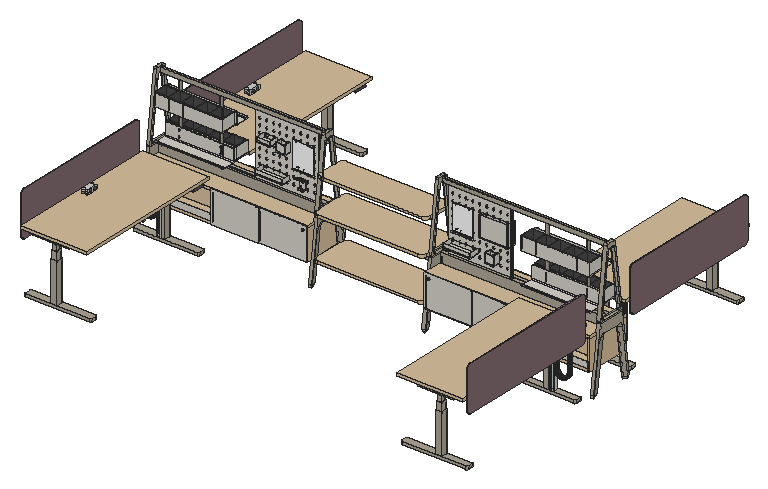
Revit family "Layout-Teknion-Expansion_Cityline_Upper_Structure_01-R2021", category Furniture Systems, Revit 2021 (continued)
Definition of nested family "Desk_Structure-Teknion-JZSBB_EZ_Fence_Beam-R2021"
  Dimensions and locks (in)
    aligned and locked: cut or joined group of Sweep 1, Sweep 2, Sweep 3, Sweep 8, Sweep 9, Sweep 10, Sweep 11, Sweep 12, Sweep 13 to curve 49
    aligned and locked: curve 49 to cut or joined group of Sweep 1, Sweep 2, Sweep 3, Sweep 8, Sweep 9, Sweep 10, Sweep 11, Sweep 12, Sweep 13
    aligned and locked: curve 50 to cut or joined group of Sweep 1, Sweep 2, Sweep 3, Sweep 8, Sweep 9, Sweep 10, Sweep 11, Sweep 12, Sweep 13  (x2)
    aligned and locked: cut or joined group of Sweep 1, Sweep 2, Sweep 3, Sweep 8, Sweep 9, Sweep 10, Sweep 11, Sweep 12, Sweep 13 to curve 51
    aligned and locked: curve 51 to cut or joined group of Sweep 1, Sweep 2, Sweep 3, Sweep 8, Sweep 9, Sweep 10, Sweep 11, Sweep 12, Sweep 13
    aligned and locked: cut or joined group of Sweep 1, Sweep 2, Sweep 3, Sweep 8, Sweep 9, Sweep 10, Sweep 11, Sweep 12, Sweep 13 to curve 52  (x2)
    aligned and locked: cut or joined group of Sweep 1, Sweep 2, Sweep 3, Sweep 8, Sweep 9, Sweep 10, Sweep 11, Sweep 12, Sweep 13 to curve 53
    aligned and locked: curve 53 to cut or joined group of Sweep 1, Sweep 2, Sweep 3, Sweep 8, Sweep 9, Sweep 10, Sweep 11, Sweep 12, Sweep 13
    aligned and locked: cut or joined group of Sweep 1, Sweep 2, Sweep 3, Sweep 8, Sweep 9, Sweep 10, Sweep 11, Sweep 12, Sweep 13 to curve 54
    aligned and locked: curve 54 to cut or joined group of Sweep 1, Sweep 2, Sweep 3, Sweep 8, Sweep 9, Sweep 10, Sweep 11, Sweep 12, Sweep 13
    aligned and locked: cut or joined group of Sweep 1, Sweep 2, Sweep 3, Sweep 8, Sweep 9, Sweep 10, Sweep 11, Sweep 12, Sweep 13 to curve 55
    aligned and locked: curve 55 to cut or joined group of Sweep 1, Sweep 2, Sweep 3, Sweep 8, Sweep 9, Sweep 10, Sweep 11, Sweep 12, Sweep 13
    aligned and locked: curve 56 to cut or joined group of Sweep 1, Sweep 2, Sweep 3, Sweep 8, Sweep 9, Sweep 10, Sweep 11, Sweep 12, Sweep 13  (x2)
    aligned and locked: curve 57 to cut or joined group of Sweep 1, Sweep 2, Sweep 3, Sweep 8, Sweep 9, Sweep 10, Sweep 11, Sweep 12, Sweep 13  (x2)
    aligned and locked: cut or joined group of Sweep 1, Sweep 2, Sweep 3, Sweep 8, Sweep 9, Sweep 10, Sweep 11, Sweep 12, Sweep 13 to curve 58  (x2)
    aligned and locked: curve 59 to cut or joined group of Sweep 1, Sweep 2, Sweep 3, Sweep 8, Sweep 9, Sweep 10, Sweep 11, Sweep 12, Sweep 13  (x2)
    aligned and locked: cut or joined group of Sweep 1, Sweep 2, Sweep 3, Sweep 8, Sweep 9, Sweep 10, Sweep 11, Sweep 12, Sweep 13 to curve 60
    aligned and locked: curve 60 to cut or joined group of Sweep 1, Sweep 2, Sweep 3, Sweep 8, Sweep 9, Sweep 10, Sweep 11, Sweep 12, Sweep 13
    aligned and locked: curve 61 to cut or joined group of Sweep 1, Sweep 2, Sweep 3, Sweep 8, Sweep 9, Sweep 10, Sweep 11, Sweep 12, Sweep 13
    aligned and locked: cut or joined group of Sweep 1, Sweep 2, Sweep 3, Sweep 8, Sweep 9, Sweep 10, Sweep 11, Sweep 12, Sweep 13 to curve 61
    aligned and locked: cut or joined group of Sweep 1, Sweep 2, Sweep 3, Sweep 8, Sweep 9, Sweep 10, Sweep 11, Sweep 12, Sweep 13 to curve 62  (x2)
    aligned and locked: cut or joined group of Sweep 1, Sweep 2, Sweep 3, Sweep 8, Sweep 9, Sweep 10, Sweep 11, Sweep 12, Sweep 13 to curve 63
    aligned and locked: curve 63 to cut or joined group of Sweep 1, Sweep 2, Sweep 3, Sweep 8, Sweep 9, Sweep 10, Sweep 11, Sweep 12, Sweep 13
    aligned and locked: cut or joined group of Sweep 1, Sweep 2, Sweep 3, Sweep 8, Sweep 9, Sweep 10, Sweep 11, Sweep 12, Sweep 13 to curve 64  (x2)
    aligned and locked: cut or joined group of Sweep 1, Sweep 2, Sweep 3, Sweep 8, Sweep 9, Sweep 10, Sweep 11, Sweep 12, Sweep 13 to curve 65  (x2)
    aligned and locked: curve 66 to cut or joined group of Sweep 1, Sweep 2, Sweep 3, Sweep 8, Sweep 9, Sweep 10, Sweep 11, Sweep 12, Sweep 13  (x2)
    aligned and locked: cut or joined group of Sweep 1, Sweep 2, Sweep 3, Sweep 8, Sweep 9, Sweep 10, Sweep 11, Sweep 12, Sweep 13 to curve 67
    aligned and locked: curve 67 to cut or joined group of Sweep 1, Sweep 2, Sweep 3, Sweep 8, Sweep 9, Sweep 10, Sweep 11, Sweep 12, Sweep 13
    aligned and locked: cut or joined group of Sweep 1, Sweep 2, Sweep 3, Sweep 8, Sweep 9, Sweep 10, Sweep 11, Sweep 12, Sweep 13 to curve 68
    aligned and locked: curve 68 to cut or joined group of Sweep 1, Sweep 2, Sweep 3, Sweep 8, Sweep 9, Sweep 10, Sweep 11, Sweep 12, Sweep 13
    aligned and locked: cut or joined group of Sweep 1, Sweep 2, Sweep 3, Sweep 8, Sweep 9, Sweep 10, Sweep 11, Sweep 12, Sweep 13 to curve 69
    aligned and locked: curve 69 to cut or joined group of Sweep 1, Sweep 2, Sweep 3, Sweep 8, Sweep 9, Sweep 10, Sweep 11, Sweep 12, Sweep 13
    aligned and locked: curve 70 to cut or joined group of Sweep 1, Sweep 2, Sweep 3, Sweep 8, Sweep 9, Sweep 10, Sweep 11, Sweep 12, Sweep 13
    aligned and locked: cut or joined group of Sweep 1, Sweep 2, Sweep 3, Sweep 8, Sweep 9, Sweep 10, Sweep 11, Sweep 12, Sweep 13 to curve 70
    aligned and locked: cut or joined group of Sweep 1, Sweep 2, Sweep 3, Sweep 8, Sweep 9, Sweep 10, Sweep 11, Sweep 12, Sweep 13 to curve 71  (x2)
    aligned and locked: curve 72 to cut or joined group of Sweep 1, Sweep 2, Sweep 3, Sweep 8, Sweep 9, Sweep 10, Sweep 11, Sweep 12, Sweep 13
    aligned and locked: curve 73 to plane 4 "Left"
    aligned and locked: curve 74 to plane 7 "Front"
    aligned and locked: plane 1 "Center Front/Back" to nested 2
    aligned and locked: nested 1 to plane 1 "Center Front/Back"
    aligned and locked: plane 1 "Center Front/Back" to nested 3
    aligned and locked: nested 3 to plane 3 "Center Left/Right"
    aligned and locked: plane 3 "Center Left/Right" to nested 5
    aligned and locked: nested 5 to plane 6 "Back"
    aligned and locked: plane 7 "Front" to nested 4
    aligned and locked: nested 4 to plane 3 "Center Left/Right"
    aligned and locked: plane 1 "Center Front/Back" to nested 6
    aligned and locked: plane 1 "Center Front/Back" to nested 7
  Automatic sketch dimensions
    plane 1 "Center Front/Back" to Sweep 4 sketch curve = 0.000"
    Sweep 4 sketch curve to profile plane = 2.85433"  (x2)
    Sweep 4 sketch curve to Sweep 4 sketch curve = 0.81978"
    Sweep 4 sketch curve to Sweep 4 sketch curve = 0.69565"
    plane 1 "Center Front/Back" to Sweep 5 sketch curve = 0.000"
    Sweep 5 sketch curve to profile plane = 2.85433"  (x2)
    Sweep 5 sketch curve to Sweep 5 sketch curve = 0.81978"
    Sweep 5 sketch curve to Sweep 5 sketch curve = 0.69565"
    plane 1 "Center Front/Back" to Sweep 6 sketch curve = 0.000"
    Sweep 6 sketch curve to Sweep 6 sketch curve = 2.85433"  (x2)
    Sweep 6 sketch curve to Sweep 6 sketch curve = 0.81978"
    Sweep 6 sketch curve to Sweep 6 sketch curve = 0.69565"
    plane 1 "Center Front/Back" to Sweep 7 sketch curve = 0.000"
    Sweep 7 sketch curve to Sweep 7 sketch curve = 2.85433"  (x2)
    Sweep 7 sketch curve to Sweep 7 sketch curve = 0.81978"
    Sweep 7 sketch curve to Sweep 7 sketch curve = 0.69565"
    Sweep 8 sketch curve to Sweep 8 sketch curve = 0.11811"  (x4)
    Sweep 9 sketch curve to Sweep 9 sketch curve = 0.11811"  (x8)
    Sweep 10 sketch curve to Sweep 10 sketch curve = 0.11811"  (x4)
    Sweep 11 sketch curve to Sweep 11 sketch curve = 0.11811"  (x8)
    Sweep 12 sketch curve to Sweep 12 sketch curve = 0.11811"  (x4)
    Sweep 13 sketch curve to Sweep 13 sketch curve = 0.11811"  (x8)
    curve 30 to plane 4 "Left" = 0.000"
    curve 29 to plane 4 "Left" = 0.000"
    curve 31 to plane 4 "Left" = 0.000"
    curve 32 to plane 4 "Left" = 0.000"
    curve 35 to plane 4 "Left" = 0.000"
    curve 34 to plane 4 "Left" = 0.000"
    curve 33 to plane 4 "Left" = 0.000"
    curve 35 to plane 5 "Right" = 0.000"
    curve 29 to plane 5 "Right" = 0.000"
    curve 30 to plane 5 "Right" = 0.000"
    curve 31 to plane 5 "Right" = 0.000"
    curve 32 to plane 5 "Right" = 0.000"
    curve 33 to plane 5 "Right" = 0.000"
    curve 34 to plane 5 "Right" = 0.000"
    plane 7 "Front" to curve 36 = 0.000"
    plane 7 "Front" to curve 37 = 0.000"
    curve 35 to curve 31 = 0.000"
    curve 75 to plane 6 "Back" = 0.000"
    curve 74 to plane 5 "Right" = 0.00024"
    Sweep 12 sketch curve to plane 4 "Left" = 0.000"
    Sweep 12 sketch curve to plane 7 "Front" = 0.10017"
    Sweep 13 sketch curve to plane 4 "Left" = 0.000"
    Sweep 13 sketch curve to plane 7 "Front" = 0.10017"
  Nested families (in)
    nested 1: "Teknion_2D_Node_Family-R2020" at (1.65698, 0, 0), type "Teknion_2D_Node_Family-R2020"
    nested 2: "Teknion_2D_Node_Family-R2020" at (85.65798, 0, 0), type "Teknion_2D_Node_Family-R2020"
    nested 3: "Teknion_2D_Node_Family-R2020" at (43.65748, 0, 0), type "Teknion_2D_Node_Family-R2020"
    nested 4: "Teknion_2D_Node_Family-R2020" at (43.65748, -1.69291, 0), type "Teknion_2D_Node_Family-R2020"
    nested 5: "Teknion_2D_Node_Family-R2020" at (43.65748, 1.69291, 0), type "Teknion_2D_Node_Family-R2020"
    nested 6: "Teknion_2D_Node_Family-R2020" at (70.81598, 0, 0), type "Teknion_2D_Node_Family-R2020"
    nested 7: "Teknion_2D_Node_Family-R2020" at (16.49898, 0, 0), type "Teknion_2D_Node_Family-R2020"
  Definition of nested family "Teknion_2D_Node_Family-R2020"
    Reference planes (in)
      plane 1 "Center (Front/Back)": y = 0
      plane 2: z = 0
      plane 3 "Center (Left/Right)": x = 0
    Lines and regions (in)
      detail lines, in view "Ref. Level"
        curve 1: circle (0, 0, 0) r 1.25 normal (0, 0, 1)
        curve 2: line (1.91508, -1.91508, 0) -> (-1.91508, 1.91508, 0)
        curve 3: line (-1.91508, -1.91508, 0) -> (1.91508, 1.91508, 0)
Definition of nested family "Storage-Teknion-JZBSH_EZ_Suspended_Shelf_Solid-R2020"
  Parameters (values of type "EZ Suspended Shelf - Solid")
    Width [instance] = 84.000"
    Warranty = "http://www.teknion.com/ca/papers/legal-canada"
    Unit Weight URL = "http://www.teknion.com/ca/tools/assets#&asset=bee6a381-b954-425e-8283-5a2de3a804f2,f828d448-4b62-4231-9e5f-9a8991c0ed77"
    URL = "www.teknion.com"
    To render please download texture images found here [instance] = "https://assets.teknion.com/web/5e81352c1dfdb467/revit-material-swatches/"
    Sustainability Data = "https://www.teknion.com/ca/tools/assets#&topic=216f99a5-57a0-44fc-b10a-9dee9b29ae4c&asset=444deb64-fe58-4b68-981e-f75e97781df7,b4ff2d81-9f2e-437d-9659-7cffb09c31cf"
    Series = "Expansion Cityline"  # constant formula
    Product Page URL = "https://www.teknion.com/ca/products/product-details?productLineId=9ad2a26e-8e7a-673b-a6c8-ff05004460c4"
    Product Line = "EZ Suspended Storage"  # constant formula
    Product Documentation Link = "https://www.teknion.com/pricing/expansion-cityline/pdfs/JZBSH_ppg.pdf"
    Part Number = "JZBSH"  # constant formula
    Model = "JZBSH18_"
    Manufacturer Phone = "416-661-3370"  # constant formula
    Manufacturer Fax = "416.661.4586"  # constant formula
    Manufacturer Contact Information = "http://www.teknion.com/ca/contactus"
    Manufacturer Address = "1150 Flint Road, Toronto, ON. M3J 2J5. Canada"  # constant formula
    Manufacturer = "Teknion"  # constant formula
    How To Use Teknion Materials User Guide [instance] = "https://assets.teknion.com/m/205dd0a49fa58060/original/How-to-add-a-Material-Library-and-Texture-Images-to-your-Revit-project.pdf"
    For Additional Finishes please visit [instance] = "https://assets.teknion.com/m/44a8009b046e5d47/original/Teknion_Materials_Library.zip"
    Finish [instance] = none
    Description = "EZ Suspended Shelf - Solid - 18\" Depth"
    Default Elevation = 0.000"
    Available Width [instance] = "48, 54, 60, 66, 72, 78 & 84 Inch"  # constant formula
    Assembly Code = "E2020200"
  Reference planes (in)
    plane 1 "Center Front/Back": y = 0
    plane 2: z = 0
    plane 3 "Center Left/Right": x = 42
    plane 4 "Left": x = 0
    plane 5 "Right": x = 84
    plane 6 "Back": y = 9
    plane 7 "Front": y = -9
    plane 8 "Top": z = 11.01575
  Forms (in)
    Sweep 1, solid, material <- "Finish"
      path origin (0, 0, 0) x (1, 0, 0) y (0, 0, 1)
        loop
          line (42, 11.01575) -> (42, 10)
      profile origin (42, 0, 10.50787) x (0, -1, 0) y (1, 0, 0)
        loop
          line (-9, 40) -> (-9, -40)
          arc (-9, -40) -> (-8.41421, -41.41421) -> (-7, -42) r 2
          line (-7, -42) -> (7, -42)
          arc (7, -42) -> (8.41421, -41.41421) -> (9, -40) r 2
          line (9, -40) -> (9, 40)
          arc (9, 40) -> (8.41421, 41.41421) -> (7, 42) r 2
          line (7, 42) -> (-7, 42)
          arc (-7, 42) -> (-8.41421, 41.41421) -> (-9, 40) r 2
  Lines and regions (in)
    Masking region 1
      outline origin (0, 0, 0) x (1, 0, 0) y (0, 1, 0)
        loop
          arc (84, 7) -> (83.41421, 8.41421) -> (82, 9) r 2
          line (82, 9) -> (2, 9)
          arc (2, 9) -> (0.58579, 8.41421) -> (0, 7) r 2
          line (0, 7) -> (0, -7)
          arc (0, -7) -> (0.58579, -8.41421) -> (2, -9) r 2
          line (2, -9) -> (82, -9)
          arc (82, -9) -> (83.41421, -8.41421) -> (84, -7) r 2
          line (84, -7) -> (84, 7)
    reference lines
      curve 1: line (0, -9, 0) -> (84, -9, 0)
      curve 2: line (0, 9, 0) -> (0, -9, 0)
      curve 3: line (0, 9, 0) -> (84, 9, 0)
      curve 4: line (84, 9, 0) -> (84, -9, 0)
  Dimensions and locks (in)
    "Width": plane 4 "Left" to plane 5 "Right"
    locked: plane 6 "Back" to plane 7 "Front" at 18
    locked: plane 8 "Top" to level at 11.01575
    equal spacing: plane 6 "Back", plane 1 "Center Front/Back", plane 7 "Front"
    equal spacing: plane 4 "Left", plane 3 "Center Left/Right", plane 5 "Right"
    Sweep 1 sketch curve to Sweep 1 sketch curve to plane 2 = 1.01575" locked, 10.000" locked
    locked: plane 6 "Back" to Sweep 1 sketch curve at 2  (x2)
    locked: plane 7 "Front" to Sweep 1 sketch curve at 2  (x2)
    locked: Sweep 1 sketch curve to plane 5 "Right" at 2  (x2)
    locked: plane 4 "Left" to Sweep 1 sketch curve at 2  (x2)
    aligned and locked: level to plane 2
    aligned and locked: nested 1 to plane 1 "Center Front/Back"
    aligned and locked: plane 4 "Left" to nested 1
    aligned and locked: plane 1 "Center Front/Back" to nested 2
    aligned and locked: nested 2 to plane 5 "Right"
    aligned and locked: plane 7 "Front" to curve 1
    aligned and locked: curve 2 to plane 4 "Left"
    aligned and locked: curve 3 to plane 6 "Back"
    aligned and locked: curve 4 to plane 5 "Right"
    aligned and locked: Sweep 1 sketch curve to plane 3 "Center Left/Right"
    aligned and locked: plane 7 "Front" to Sweep 1 sketch curve
    aligned and locked: Sweep 1 sketch curve to plane 4 "Left"
    aligned and locked: plane 6 "Back" to Sweep 1 sketch curve
    aligned and locked: Masking region 1 sketch curve to Sweep 1  (x4)
  Nested families (in)
    nested 1: "Teknion_2D_Node_Family-R2016" at (0, 0, 0), type "Teknion_2D_Node_Family-R2016"
    nested 2: "Teknion_2D_Node_Family-R2016" at (84, 0, 0), type "Teknion_2D_Node_Family-R2016"
  Definition of nested family "Teknion_2D_Node_Family-R2016"
    Reference planes (in)
      plane 1 "Center (Front/Back)": y = 0
      plane 2: z = 0
      plane 3 "Center (Left/Right)": x = 0
    Lines and regions (in)
      detail lines, in view "Ref. Level"
        curve 1: circle (0, 0, 0) r 1.25 normal (0, 0, 1)
        curve 2: line (1.91508, -1.91508, 0) -> (-1.91508, 1.91508, 0)
        curve 3: line (-1.91508, -1.91508, 0) -> (1.91508, 1.91508, 0)
Definition of nested family "Storage-Teknion-JZBSO_EZ_Suspended_Credenza_Lateral_File_And_Cubby_Shared-R2021"
  Parameters (values of type "Solid Front")
    Width [instance] = 84.000"
    Warranty = "http://www.teknion.com/ca/papers/legal-canada"
    Unit Weight URL = "http://www.teknion.com/ca/tools/assets#&asset=bee6a381-b954-425e-8283-5a2de3a804f2,f828d448-4b62-4231-9e5f-9a8991c0ed77"
    URL = "www.teknion.com"
    To render please download texture images found here [instance] = "https://assets.teknion.com/web/5e81352c1dfdb467/revit-material-swatches/"
    Sustainability Data = "https://www.teknion.com/ca/tools/assets#&topic=216f99a5-57a0-44fc-b10a-9dee9b29ae4c&asset=444deb64-fe58-4b68-981e-f75e97781df7,b4ff2d81-9f2e-437d-9659-7cffb09c31cf"
    Solid Door = yes
    Series = "Expansion Cityline"  # constant formula
    Pull Finish [instance] = none
    Pull Distance - Side (Solid) [instance] = if(Width = 84.000", 10.862", if(Width = 78.000", 9.366", if(Width = 72.000", 7.870", if(Width = 66.000", 6.181", if(Width = 60.000", 4.941", 10.862")))))  # 10.862"
    Pull Distance - Side (Metal) [instance] = if(Width = 84.000", 10.870", if(Width = 78.000", 9.374", if(Width = 72.000", 7.878", if(Width = 66.000", 6.189", if(Width = 60.000", 4.950", 10.870")))))  # 10.870"
    Pull Distance - Middle (Solid) [instance] = if(Width = 84.000", 10.191", if(Width = 78.000", 8.695", if(Width = 72.000", 7.199", if(Width = 66.000", 5.510", if(Width = 60.000", 4.270", 10.191")))))  # 10.191"
    Pull Distance - Middle (Metal) [instance] = if(Width = 84.000", 10.199", if(Width = 78.000", 8.703", if(Width = 72.000", 7.207", if(Width = 66.000", 5.518", if(Width = 60.000", 4.278", 10.199")))))  # 10.199"
    Pull - Solid Door = no
    Pull - Metal Door = no
    Product Page URL = "https://www.teknion.com/ca/products/product-details?productLineId=9ad2a26e-8e7a-673b-a6c8-ff05004460c4"
    Product Line = "EZ Suspended Storage"  # constant formula
    Product Documentation Link = "https://www.teknion.com/pricing/expansion-cityline/pdfs/JZBSO_ppg.pdf"
    Part Number = "JZBSO"  # constant formula
    Paint Finish [instance] = none
    Open Storage Size [instance] = if(Width = 84.000", 30.866", if(Width = 78.000", 30.850", if(Width = 72.000", 30.835", if(Width = 66.000", 31.590", if(Width = 60.000", 30.551", 30.866")))))  # 30.866"
    Model = "JZBSOSA1420__"
    Metal Front Finish [instance] = none
    Metal Door = no
    Manufacturer Phone = "416-661-3370"  # constant formula
    Manufacturer Fax = "416.661.4586"  # constant formula
    Manufacturer Contact Information = "http://www.teknion.com/ca/contactus"
    Manufacturer Address = "1150 Flint Road, Toronto, ON. M3J 2J5. Canada"  # constant formula
    Manufacturer = "Teknion"  # constant formula
    Laminate Front Finish [instance] = none
    How To Use Teknion Materials User Guide [instance] = "https://assets.teknion.com/m/205dd0a49fa58060/original/How-to-add-a-Material-Library-and-Texture-Images-to-your-Revit-project.pdf"
    For Additional Finishes please visit [instance] = "https://assets.teknion.com/m/44a8009b046e5d47/original/Teknion_Materials_Library.zip"
    Drawer Size - Side [instance] = if(Width = 84.000", 27.346", if(Width = 78.000", 24.354", if(Width = 72.000", 21.362", if(Width = 66.000", 17.984", if(Width = 60.000", 15.504", 27.346")))))  # 27.346"
    Description = "EZ Suspended Credenza - Lateral File And Cubby - Shared - Solid Front Style, Angled EZ Fence Leg Style, 14\" Case Height, 20\" Depth"
    Default Elevation = 0.000"
    Cut-Out - Solid Door = if([Pull - Solid Door], 3.500", 0.200")  # 0.200"
    Cut-Out - Metal Door = if([Pull - Metal Door], 3.000", 0.200")  # 0.200"
    Case Finish [instance] = none
    Available Width [instance] = "60, 66, 72, 78 & 84 Inch"  # constant formula
    Assembly Code = "E2020200"
  Types (5): name | Solid Door | Pull - Solid Door | Pull - Metal Door | Model | Metal Door | Description | Cut-Out - Solid Door | Cut-Out - Metal Door
    (no name) | yes | no | no | "JZBSOSA1420__" | no | "EZ Suspended Credenza - Lateral File And Cubby - Shared - Solid Front Style, Angled EZ Fence Leg Style, 14\" Case Height, 20\" Depth" | 0.200" | 0.200"
    Metal Front | no | no | no | "JZBSOMA1420__" | yes | "EZ Suspended Credenza - Lateral File And Cubby - Shared - Metal Front Style, Angled EZ Fence Leg Style, 14\" Case Height, 20\" Depth" | 0.200" | 0.200"
    Metal With Pull Front | no | no | yes | "JZBSONA1420__" | yes | "EZ Suspended Credenza - Lateral File And Cubby - Shared - Metal With Pull Front Style, Angled EZ Fence Leg Style, 14\" Case Height, 20\" Depth" | 0.200" | 3.000"
    Solid Front | yes | no | no | "JZBSOSA1420__" | no | "EZ Suspended Credenza - Lateral File And Cubby - Shared - Solid Front Style, Angled EZ Fence Leg Style, 14\" Case Height, 20\" Depth" | 0.200" | 0.200"
    Solid With Pull Front | yes | yes | no | "JZBSOTA1420__" | no | "EZ Suspended Credenza - Lateral File And Cubby - Shared - Solid With Pull Front Style, Angled EZ Fence Leg Style, 14\" Case Height, 20\" Depth" | 3.500" | 0.200"
  Reference planes (in)
    plane 1 "Center Front/Back": y = 0
    plane 2: z = 0
    plane 3 "Center Left/Right": x = -42
    plane 4 "Left": x = -84
    plane 5 "Right": x = 0
    plane 6 "Back": y = 10.89764
    plane 7 "Front": y = -10.89764
    plane 8 "Top": z = 24.12496
    plane 9: x = -53.134
    plane 10: x = -27.346
    plane 11: z = 10
  Forms (in)
    Sweep 1, solid, material <- "Case Finish"
      path origin (0, 0, 0) x (1, 0, 0) y (0, 0, 1)
        loop
          line (-42, 23.10921) -> (-42, 10)
      profile origin (-42, 0, 16.55461) x (0, -1, 0) y (1, 0, 0)
        loop
          line (-10, -42) -> (10, -42) -> (10, -41.29921) -> (-10, -41.29921) -> (-10, -42)
        loop
          line (-10, 42) -> (-10, 41.29921) -> (10, 41.29921) -> (10, 42) -> (-10, 42)
    Sweep 2, solid, material <- "Case Finish"
      path origin (0, 0, 0) x (1, 0, 0) y (0, 1, 0)
        loop
          line (-84, 0) -> (0, 0)
      profile origin (-42, 0, 0) x (0, 1, 0) y (0, 0, 1)
        loop
          line (-10, 24.12496) -> (-10, 23.10921) -> (-1.69291, 23.10921) -> (-1.69291, 24.12496) -> (-10, 24.12496)
        loop
          line (1.69291, 24.12496) -> (1.69291, 23.10921) -> (10, 23.10921) -> (10, 24.12496) -> (1.69291, 24.12496)
    Sweep 3, solid, material <- "Case Finish"
      path origin (0, 0, 0) x (1, 0, 0) y (0, 0, 1)
        loop
          line (-42, 23.10921) -> (-42, 11.01575)
      profile origin (-42, 0, 17.06248) x (0, -1, 0) y (1, 0, 0)
        loop
          line (-10, -11.83479) -> (10, -11.83479) -> (10, -11.134) -> (-10, -11.134) -> (-10, -11.83479)
        loop
          line (-10, 14.654) -> (10, 14.654) -> (10, 15.35479) -> (-10, 15.35479) -> (-10, 14.654)
    Sweep 4, solid, material <- "Case Finish"
      path origin (0, 0, 0) x (1, 0, 0) y (0, 0, 1)
        loop
          line (-42, 23.10921) -> (-42, 11.01575)
      profile origin (-42, 0, 17.06248) x (0, -1, 0) y (1, 0, 0)
        loop
          line (-2.3937, -41.29921) -> (-1.69291, -41.29921) -> (-1.69291, -11.83479) -> (-2.3937, -11.83479) -> (-2.3937, -41.29921)
        loop
          line (1.69291, -41.29921) -> (2.3937, -41.29921) -> (2.3937, -11.83479) -> (1.69291, -11.83479) -> (1.69291, -41.29921)
    Sweep 5, solid, material <- "Case Finish"
      path origin (0, 0, 0) x (1, 0, 0) y (0, 0, 1)
        loop
          line (-42, 23.10921) -> (-42, 11.01575)
      profile origin (-42, 0, 17.06248) x (0, -1, 0) y (1, 0, 0)
        loop
          line (9.12205, -11.134) -> (10, -11.134) -> (10, 14.654) -> (9.12205, 14.654) -> (9.12205, -11.134)
        loop
          line (-10, 15.35479) -> (-9.12205, 15.35479) -> (-9.12205, 41.29921) -> (-10, 41.29921) -> (-10, 15.35479)
    Sweep 6, solid, material <- "Paint Finish"
      path origin (0, 0, 0) x (1, 0, 0) y (0, 1, 0)
        loop
          line (-83.29921, 0) -> (-53.83479, 0)
      profile origin (-68.567, 0, 0) x (0, 1, 0) y (0, 0, 1)
        loop
          line (-9.95276, 14.01575) -> (-10, 14.01575) -> (-10, 11.01575) -> (-9.95276, 11.01575) -> (-9.95276, 14.01575)
        loop
          line (10, 11.01575) -> (10, 14.01575) -> (9.95276, 14.01575) -> (9.95276, 11.01575) -> (10, 11.01575)
    Sweep 7, solid, material <- "Case Finish"
      path origin (0, 0, 0) x (1, 0, 0) y (0, 0, 1)
        loop
          line (-42, 11.01575) -> (-42, 10)
      profile origin (-42, 0, 10.50787) x (0, -1, 0) y (1, 0, 0)
        loop
          line (10, -41.29921) -> (10, 41.29921) -> (-10, 41.29921) -> (-10, -41.29921) -> (10, -41.29921)
        loop
          arc (-0.87598, -33.04134) -> (-1.15437, -33.15665) -> (-1.26969, -33.43504) r 0.3937
          line (-1.26969, -33.43504) -> (-1.26969, -38.84843)
          arc (-1.26969, -38.84843) -> (-1.15437, -39.12681) -> (-0.87598, -39.24213) r 0.3937
          line (-0.87598, -39.24213) -> (0.87598, -39.24213)
          arc (0.87598, -39.24213) -> (1.15437, -39.12681) -> (1.26969, -38.84843) r 0.3937
          line (1.26969, -38.84843) -> (1.26969, -33.43504)
          arc (1.26969, -33.43504) -> (1.15437, -33.15665) -> (0.87598, -33.04134) r 0.3937
          line (0.87598, -33.04134) -> (-0.87598, -33.04134)
        loop
          arc (0.87598, -20.09266) -> (1.15437, -19.97735) -> (1.26969, -19.69896) r 0.3937
          line (1.26969, -19.69896) -> (1.26969, -14.28557)
          arc (1.26969, -14.28557) -> (1.15437, -14.00719) -> (0.87598, -13.89187) r 0.3937
          line (0.87598, -13.89187) -> (-0.87598, -13.89187)
          arc (-0.87598, -13.89187) -> (-1.15437, -14.00719) -> (-1.26969, -14.28557) r 0.3937
          line (-1.26969, -14.28557) -> (-1.26969, -19.69896)
          arc (-1.26969, -19.69896) -> (-1.15437, -19.97735) -> (-0.87598, -20.09266) r 0.3937
          line (-0.87598, -20.09266) -> (0.87598, -20.09266)
    Sweep 8, solid
      path origin (0, 0, 0) x (1, 0, 0) y (0, 1, 0)
        loop
          arc (-80.84843, 1.26969) -> (-81.12681, 1.15437) -> (-81.24213, 0.87598) r 0.3937
          line (-81.24213, 0.87598) -> (-81.24213, -0.87598)
          arc (-81.24213, -0.87598) -> (-81.12681, -1.15437) -> (-80.84843, -1.26969) r 0.3937
          line (-80.84843, -1.26969) -> (-75.43504, -1.26969)
          arc (-75.43504, -1.26969) -> (-75.15665, -1.15437) -> (-75.04134, -0.87598) r 0.3937
          line (-75.04134, -0.87598) -> (-75.04134, 0.87598)
          arc (-75.04134, 0.87598) -> (-75.15665, 1.15437) -> (-75.43504, 1.26969) r 0.3937
          line (-75.43504, 1.26969) -> (-80.84843, 1.26969)
      profile origin (-78.14173, 1.26969, 0) x (0, 1, 0) y (0, 0, 1)
        loop
          line (0, 10) -> (0, 11.01575) -> (0.10827, 11.01575)
          arc (0.10827, 11.01575) -> (0.07354, 11.04473) -> (0.02953, 11.05512) r 0.09843
          line (0.02953, 11.05512) -> (-0.16618, 11.05512) -> (-0.16618, 9.96063) -> (0.02953, 9.96063)
          arc (0.02953, 9.96063) -> (0.07354, 9.97102) -> (0.10827, 10) r 0.09843
          line (0.10827, 10) -> (0, 10)
    Sweep 9, solid
      path origin (0, 0, 0) x (1, 0, 0) y (0, 1, 0)
        loop
          arc (-61.69896, 1.26969) -> (-61.97735, 1.15437) -> (-62.09266, 0.87598) r 0.3937
          line (-62.09266, 0.87598) -> (-62.09266, -0.87598)
          arc (-62.09266, -0.87598) -> (-61.97735, -1.15437) -> (-61.69896, -1.26969) r 0.3937
          line (-61.69896, -1.26969) -> (-56.28557, -1.26969)
          arc (-56.28557, -1.26969) -> (-56.00719, -1.15437) -> (-55.89187, -0.87598) r 0.3937
          line (-55.89187, -0.87598) -> (-55.89187, 0.87598)
          arc (-55.89187, 0.87598) -> (-56.00719, 1.15437) -> (-56.28557, 1.26969) r 0.3937
          line (-56.28557, 1.26969) -> (-61.69896, 1.26969)
      profile origin (-58.99227, 1.26969, 0) x (0, 1, 0) y (0, 0, 1)
        loop
          line (-0.16618, 11.05512) -> (-0.16618, 9.96063) -> (0.02953, 9.96063)
          arc (0.02953, 9.96063) -> (0.07354, 9.97102) -> (0.10827, 10) r 0.09843
          line (0.10827, 10) -> (0, 10) -> (0, 11.01575) -> (0.10827, 11.01575)
          arc (0.10827, 11.01575) -> (0.07354, 11.04473) -> (0.02953, 11.05512) r 0.09843
          line (0.02953, 11.05512) -> (-0.16618, 11.05512)
    Sweep 10, solid, material <- "Laminate Front Finish", visible <- "Solid Door"
      path origin (0, 0, 0) x (1, 0, 0) y (0, 0, 1)
        loop
          line (-42, 10.11811) -> (-42, 24.06591)
      profile origin (-42, 0, 17.09201) x (-1, 0, 0) y (0, -1, 0)
        loop
          line (11.77573, -10.83858) -> (11.77573, -10.1378) -> (-14.94534, -10.1378) -> (-14.94534, -10.83858) -> (11.77573, -10.83858)
        loop
          line (-15.06345, -10.83858) -> (-15.06345, -10.1378) -> (-42, -10.1378) -> (-42, -10.83858) -> (-15.06345, -10.83858)
        loop
          line (-15.06345, 10.1378) -> (-15.06345, 10.83858) -> (-42, 10.83858) -> (-42, 10.1378) -> (-15.06345, 10.1378)
        loop
          line (11.77573, 10.1378) -> (11.77573, 10.83858) -> (-14.94534, 10.83858) -> (-14.94534, 10.1378) -> (11.77573, 10.1378)
    Sweep 11, void
      path origin (0, 0, 0) x (1, 0, 0) y (0, 1, 0)
        loop
          line (-42, -11.91462) -> (-42, -11.71462)
      profile origin (-42, -11.81462, 0) x (-1, 0, 0) y (0, 0, 1)
        loop
          line (-31.138, 21.68874) -> (-25.9254, 21.68874)
          arc (-25.9254, 21.68874) -> (-25.54178, 21.84764) -> (-25.38288, 22.23126) r 0.54252
          arc (-25.38288, 22.23126) -> (-25.54178, 22.61488) -> (-25.9254, 22.77378) r 0.54252
          line (-25.9254, 22.77378) -> (-31.138, 22.77378)
          arc (-31.138, 22.77378) -> (-31.52162, 22.61488) -> (-31.68052, 22.23126) r 0.54252
          arc (-31.68052, 22.23126) -> (-31.52162, 21.84764) -> (-31.138, 21.68874) r 0.54252
    Sweep 12, void
      path origin (0, 0, 0) x (1, 0, 0) y (0, 1, 0)
        loop
          line (-42, 11.77264) -> (-42, 11.57264)
      profile origin (-42, 11.67264, 0) x (1, 0, 0) y (0, 0, 1)
        loop
          line (-0.943, 21.68874) -> (4.2696, 21.68874)
          arc (4.2696, 21.68874) -> (4.65322, 21.84764) -> (4.81212, 22.23126) r 0.54252
          arc (4.81212, 22.23126) -> (4.65322, 22.61488) -> (4.2696, 22.77378) r 0.54252
          line (4.2696, 22.77378) -> (-0.943, 22.77378)
          arc (-0.943, 22.77378) -> (-1.32662, 22.61488) -> (-1.48552, 22.23126) r 0.54252
          arc (-1.48552, 22.23126) -> (-1.32662, 21.84764) -> (-0.943, 21.68874) r 0.54252
    Sweep 13, solid, material <- "Pull Finish", visible <- "Pull - Solid Door"
      path origin (0, 0, 0) x (1, 0, 0) y (0, 1, 0)
        loop
          line (-42, -10.87791) -> (-42, -10.1378)
      profile origin (-42, -10.50785, 0) x (-1, 0, 0) y (0, 0, 1)
        loop
          line (-25.9254, 22.77378) -> (-31.138, 22.77378)
          arc (-31.138, 22.77378) -> (-31.52162, 22.61488) -> (-31.68052, 22.23126) r 0.54252
          arc (-31.68052, 22.23126) -> (-31.52162, 21.84764) -> (-31.138, 21.68874) r 0.54252
          line (-31.138, 21.68874) -> (-25.9254, 21.68874)
          arc (-25.9254, 21.68874) -> (-25.54178, 21.84764) -> (-25.38288, 22.23126) r 0.54252
          arc (-25.38288, 22.23126) -> (-25.54178, 22.61488) -> (-25.9254, 22.77378) r 0.54252
    Sweep 14, void
      path origin (0, 0, 0) x (1, 0, 0) y (0, 1, 0)
        loop
          line (-42, -10.87791) -> (-42, -10.2165)
      profile origin (-42, -10.5472, 0) x (-1, 0, 0) y (0, 0, 1)
        loop
          line (-25.9254, 22.67732) -> (-31.138, 22.67732)
          arc (-31.138, 22.67732) -> (-31.45341, 22.54667) -> (-31.58406, 22.23126) r 0.44606
          arc (-31.58406, 22.23126) -> (-31.45341, 21.91585) -> (-31.138, 21.7852) r 0.44606
          line (-31.138, 21.7852) -> (-25.9254, 21.7852)
          arc (-25.9254, 21.7852) -> (-25.60999, 21.91585) -> (-25.47934, 22.23126) r 0.44606
          arc (-25.47934, 22.23126) -> (-25.60999, 22.54667) -> (-25.9254, 22.67732) r 0.44606
    Sweep 15, solid, material <- "Pull Finish", visible <- "Pull - Solid Door"
      path origin (0, 0, 0) x (1, 0, 0) y (0, 1, 0)
        loop
          line (-42, 10.87791) -> (-42, 10.1378)
      profile origin (-42, 10.50785, 0) x (1, 0, 0) y (0, 0, 1)
        loop
          line (4.2696, 22.77378) -> (-0.943, 22.77378)
          arc (-0.943, 22.77378) -> (-1.32662, 22.61488) -> (-1.48552, 22.23126) r 0.54252
          arc (-1.48552, 22.23126) -> (-1.32662, 21.84764) -> (-0.943, 21.68874) r 0.54252
          line (-0.943, 21.68874) -> (4.2696, 21.68874)
          arc (4.2696, 21.68874) -> (4.65322, 21.84764) -> (4.81212, 22.23126) r 0.54252
          arc (4.81212, 22.23126) -> (4.65322, 22.61488) -> (4.2696, 22.77378) r 0.54252
    Sweep 16, void
      path origin (0, 0, 0) x (1, 0, 0) y (0, 1, 0)
        loop
          line (-42, 10.2165) -> (-42, 10.87791)
      profile origin (-42, 10.5472, 0) x (-1, 0, 0) y (0, 0, 1)
        loop
          line (0.943, 22.67732) -> (-4.2696, 22.67732)
          arc (-4.2696, 22.67732) -> (-4.58501, 22.54667) -> (-4.71566, 22.23126) r 0.44606
          arc (-4.71566, 22.23126) -> (-4.58501, 21.91585) -> (-4.2696, 21.7852) r 0.44606
          line (-4.2696, 21.7852) -> (0.943, 21.7852)
          arc (0.943, 21.7852) -> (1.25841, 21.91585) -> (1.38906, 22.23126) r 0.44606
          arc (1.38906, 22.23126) -> (1.25841, 22.54667) -> (0.943, 22.67732) r 0.44606
    Sweep 17, solid, material <- "Metal Front Finish", visible <- "Metal Door"
      path origin (0, 0, 0) x (1, 0, 0) y (0, 1, 0)
        loop
          line (-42, -10.1378) -> (-42, -10.25591)
      profile origin (-42, -10.19685, 0) x (1, 0, 0) y (0, 0, 1)
        loop
          line (14.69534, 24.06591) -> (-11.52573, 24.06591)
          arc (-11.52573, 24.06591) -> (-11.70251, 23.99268) -> (-11.77573, 23.81591) r 0.25
          line (-11.77573, 23.81591) -> (-11.77573, 10.36811)
          arc (-11.77573, 10.36811) -> (-11.70251, 10.19133) -> (-11.52573, 10.11811) r 0.25
          line (-11.52573, 10.11811) -> (14.69534, 10.11811)
          arc (14.69534, 10.11811) -> (14.87212, 10.19133) -> (14.94534, 10.36811) r 0.25
          line (14.94534, 10.36811) -> (14.94534, 23.81591)
          arc (14.94534, 23.81591) -> (14.87212, 23.99268) -> (14.69534, 24.06591) r 0.25
        loop
          line (41.75, 24.06591) -> (15.31345, 24.06591)
          arc (15.31345, 24.06591) -> (15.13667, 23.99268) -> (15.06345, 23.81591) r 0.25
          line (15.06345, 23.81591) -> (15.06345, 10.36811)
          arc (15.06345, 10.36811) -> (15.13667, 10.19133) -> (15.31345, 10.11811) r 0.25
          line (15.31345, 10.11811) -> (41.75, 10.11811)
          arc (41.75, 10.11811) -> (41.92678, 10.19133) -> (42, 10.36811) r 0.25
          line (42, 10.36811) -> (42, 23.81591)
          arc (42, 23.81591) -> (41.92678, 23.99268) -> (41.75, 24.06591) r 0.25
    Sweep 18, void
      path origin (0, 0, 0) x (1, 0, 0) y (0, 1, 0)
        loop
          line (-42, -11.47431) -> (-42, -11.27431)
      profile origin (-42, -11.37431, 0) x (-1, 0, 0) y (0, 0, 1)
        loop
          line (-25.93315, 22.72339) -> (-31.13, 22.72339)
          arc (-31.13, 22.72339) -> (-31.47799, 22.57925) -> (-31.62213, 22.23126) r 0.49213
          arc (-31.62213, 22.23126) -> (-31.47799, 21.88327) -> (-31.13, 21.73913) r 0.49213
          line (-31.13, 21.73913) -> (-25.93315, 21.73913)
          arc (-25.93315, 21.73913) -> (-25.58516, 21.88327) -> (-25.44102, 22.23126) r 0.49213
          arc (-25.44102, 22.23126) -> (-25.58516, 22.57925) -> (-25.93315, 22.72339) r 0.49213
    Sweep 19, solid, material <- "Metal Front Finish", visible <- "Metal Door"
      path origin (0, 0, 0) x (1, 0, 0) y (0, 1, 0)
        loop
          line (-42, 10.25591) -> (-42, 10.1378)
      profile origin (-42, 10.19685, 0) x (1, 0, 0) y (0, 0, 1)
        loop
          arc (-11.52573, 24.06591) -> (-11.70251, 23.99268) -> (-11.77573, 23.81591) r 0.25
          line (-11.77573, 23.81591) -> (-11.77573, 10.36811)
          arc (-11.77573, 10.36811) -> (-11.70251, 10.19133) -> (-11.52573, 10.11811) r 0.25
          line (-11.52573, 10.11811) -> (14.69534, 10.11811)
          arc (14.69534, 10.11811) -> (14.87212, 10.19133) -> (14.94534, 10.36811) r 0.25
          line (14.94534, 10.36811) -> (14.94534, 23.81591)
          arc (14.94534, 23.81591) -> (14.87212, 23.99268) -> (14.69534, 24.06591) r 0.25
          line (14.69534, 24.06591) -> (-11.52573, 24.06591)
        loop
          arc (15.31345, 24.06591) -> (15.13667, 23.99268) -> (15.06345, 23.81591) r 0.25
          line (15.06345, 23.81591) -> (15.06345, 10.36811)
          arc (15.06345, 10.36811) -> (15.13667, 10.19133) -> (15.31345, 10.11811) r 0.25
          line (15.31345, 10.11811) -> (41.75, 10.11811)
          arc (41.75, 10.11811) -> (41.92678, 10.19133) -> (42, 10.36811) r 0.25
          line (42, 10.36811) -> (42, 23.81591)
          arc (42, 23.81591) -> (41.92678, 23.99268) -> (41.75, 24.06591) r 0.25
          line (41.75, 24.06591) -> (15.31345, 24.06591)
    Sweep 20, void
      path origin (0, 0, 0) x (1, 0, 0) y (0, 1, 0)
        loop
          line (-42, 11.33638) -> (-42, 11.13638)
      profile origin (-42, 11.23638, 0) x (1, 0, 0) y (0, 0, 1)
        loop
          line (4.26185, 22.72339) -> (-0.935, 22.72339)
          arc (-0.935, 22.72339) -> (-1.28299, 22.57925) -> (-1.42713, 22.23126) r 0.49213
          arc (-1.42713, 22.23126) -> (-1.28299, 21.88327) -> (-0.935, 21.73913) r 0.49213
          line (-0.935, 21.73913) -> (4.26185, 21.73913)
          arc (4.26185, 21.73913) -> (4.60984, 21.88327) -> (4.75398, 22.23126) r 0.49213
          arc (4.75398, 22.23126) -> (4.60984, 22.57925) -> (4.26185, 22.72339) r 0.49213
    Sweep 21, solid, material <- "Pull Finish", visible <- "Pull - Metal Door"
      path origin (0, 0, 0) x (1, 0, 0) y (0, 1, 0)
        loop
          line (-42, -9.39764) -> (-42, -10.1378)
      profile origin (-42, -9.76772, 0) x (1, 0, 0) y (0, 0, 1)
        loop
          line (31.13, 22.81984) -> (25.93315, 22.81984)
          arc (25.93315, 22.81984) -> (25.51696, 22.64745) -> (25.34457, 22.23126) r 0.58858
          arc (25.34457, 22.23126) -> (25.51696, 21.81507) -> (25.93315, 21.64268) r 0.58858
          line (25.93315, 21.64268) -> (31.13, 21.64268)
          arc (31.13, 21.64268) -> (31.54619, 21.81507) -> (31.71858, 22.23126) r 0.58858
          arc (31.71858, 22.23126) -> (31.54619, 22.64745) -> (31.13, 22.81984) r 0.58858
    Sweep 22, void
      path origin (0, 0, 0) x (1, 0, 0) y (0, 1, 0)
        loop
          line (-42, -9.47638) -> (-42, -10.25591)
      profile origin (-42, -9.86614, 0) x (1, 0, 0) y (0, 0, 1)
        loop
          line (25.93315, 21.73913) -> (31.13, 21.73913)
          arc (31.13, 21.73913) -> (31.47799, 21.88327) -> (31.62213, 22.23126) r 0.49213
          arc (31.62213, 22.23126) -> (31.47799, 22.57925) -> (31.13, 22.72339) r 0.49213
          line (31.13, 22.72339) -> (25.93315, 22.72339)
          arc (25.93315, 22.72339) -> (25.58516, 22.57925) -> (25.44102, 22.23126) r 0.49213
          arc (25.44102, 22.23126) -> (25.58516, 21.88327) -> (25.93315, 21.73913) r 0.49213
    Sweep 23, solid, material <- "Pull Finish", visible <- "Pull - Metal Door"
      path origin (0, 0, 0) x (1, 0, 0) y (0, 1, 0)
        loop
          line (-42, 10.1378) -> (-42, 9.39764)
      profile origin (-42, 9.76772, 0) x (1, 0, 0) y (0, 0, 1)
        loop
          line (4.26185, 22.81984) -> (-0.935, 22.81984)
          arc (-0.935, 22.81984) -> (-1.35119, 22.64745) -> (-1.52358, 22.23126) r 0.58858
          arc (-1.52358, 22.23126) -> (-1.35119, 21.81507) -> (-0.935, 21.64268) r 0.58858
          line (-0.935, 21.64268) -> (4.26185, 21.64268)
          arc (4.26185, 21.64268) -> (4.67804, 21.81507) -> (4.85043, 22.23126) r 0.58858
          arc (4.85043, 22.23126) -> (4.67804, 22.64745) -> (4.26185, 22.81984) r 0.58858
    Sweep 24, void
      path origin (0, 0, 0) x (1, 0, 0) y (0, 1, 0)
        loop
          line (-42, 10.25591) -> (-42, 9.47638)
      profile origin (-42, 9.86614, 0) x (1, 0, 0) y (0, 0, 1)
        loop
          line (4.26185, 22.72339) -> (-0.935, 22.72339)
          arc (-0.935, 22.72339) -> (-1.28299, 22.57925) -> (-1.42713, 22.23126) r 0.49213
          arc (-1.42713, 22.23126) -> (-1.28299, 21.88327) -> (-0.935, 21.73913) r 0.49213
          line (-0.935, 21.73913) -> (4.26185, 21.73913)
          arc (4.26185, 21.73913) -> (4.60984, 21.88327) -> (4.75398, 22.23126) r 0.49213
          arc (4.75398, 22.23126) -> (4.60984, 22.57925) -> (4.26185, 22.72339) r 0.49213
    Sweep 25, solid, visible <- "Metal Door"
      path origin (0, 0, 0) x (1, 0, 0) y (0, 1, 0)
        loop
          line (-42, 10.31496) -> (-42, 10.25591)
      profile origin (-42, 10.28543, 0) x (1, 0, 0) y (0, 0, 1)
        loop
          line (-9.87613, 22.20567) -> (-9.97455, 22.20567) -> (-9.97455, 21.83165) -> (-9.87613, 21.83165) -> (-9.87613, 22.20567)
        loop
          circle (-9.92534, 22.01866) r 0.3937
    Sweep 26, solid, visible <- "Metal Door"
      path origin (0, 0, 0) x (1, 0, 0) y (0, 1, 0)
        loop
          line (-42, -10.31496) -> (-42, -10.25591)
      profile origin (-42, -10.28543, 0) x (-1, 0, 0) y (0, 0, 1)
        loop
          line (-40.10039, 22.20567) -> (-40.19881, 22.20567) -> (-40.19881, 21.83165) -> (-40.10039, 21.83165) -> (-40.10039, 22.20567)
        loop
          circle (-40.1496, 22.01866) r 0.3937
    Sweep 27, solid, visible <- "Solid Door"
      path origin (0, 0, 0) x (1, 0, 0) y (0, 1, 0)
        loop
          line (-42, -10.83858) -> (-42, -10.89764)
      profile origin (-42, -10.86811, 0) x (1, 0, 0) y (0, 0, 1)
        loop
          line (40.10039, 22.20567) -> (40.10039, 21.83165) -> (40.19881, 21.83165) -> (40.19881, 22.20567) -> (40.10039, 22.20567)
        loop
          circle (40.1496, 22.01866) r 0.3937
    Sweep 28, solid, visible <- "Solid Door"
      path origin (0, 0, 0) x (1, 0, 0) y (0, 1, 0)
        loop
          line (-42, 10.89764) -> (-42, 10.83858)
      profile origin (-42, 10.86811, 0) x (1, 0, 0) y (0, 0, 1)
        loop
          line (-9.87613, 22.20567) -> (-9.97455, 22.20567) -> (-9.97455, 21.83165) -> (-9.87613, 21.83165) -> (-9.87613, 22.20567)
        loop
          circle (-9.92534, 22.01866) r 0.3937
  Cuts and joins
    Sweep 11, Sweep 12 cuts Sweep 10
    Sweep 14 cuts Sweep 13
    Sweep 16 cuts Sweep 15
    Sweep 18 cuts Sweep 17
    Sweep 20 cuts Sweep 19
    Sweep 22 cuts Sweep 21
    Sweep 24 cuts Sweep 23
  Lines and regions (in)
    Masking region 1
      outline origin (0, 0, 0) x (1, 0, 0) y (0, 1, 0)
        loop
          line (0, 10) -> (-84, 10) -> (-84, -10) -> (0, -10) -> (0, 10)
        loop
          arc (-81.07594, -0.87598) -> (-81.00931, -1.03686) -> (-80.84843, -1.1035) r 0.22752
          line (-80.84843, -1.1035) -> (-75.43504, -1.1035)
          arc (-75.43504, -1.1035) -> (-75.27416, -1.03686) -> (-75.20752, -0.87598) r 0.22752
          line (-75.20752, -0.87598) -> (-75.20752, 0.87598)
          arc (-75.20752, 0.87598) -> (-75.27416, 1.03686) -> (-75.43504, 1.1035) r 0.22752
          line (-75.43504, 1.1035) -> (-80.84843, 1.1035)
          arc (-80.84843, 1.1035) -> (-81.00931, 1.03686) -> (-81.07594, 0.87598) r 0.22752
          line (-81.07594, 0.87598) -> (-81.07594, -0.87598)
        loop
          arc (-56.05806, 0.87598) -> (-56.12469, 1.03686) -> (-56.28557, 1.1035) r 0.22752
          line (-56.28557, 1.1035) -> (-61.69896, 1.1035)
          arc (-61.69896, 1.1035) -> (-61.85984, 1.03686) -> (-61.92648, 0.87598) r 0.22752
          line (-61.92648, 0.87598) -> (-61.92648, -0.87598)
          arc (-61.92648, -0.87598) -> (-61.85984, -1.03686) -> (-61.69896, -1.1035) r 0.22752
          line (-61.69896, -1.1035) -> (-56.28557, -1.1035)
          arc (-56.28557, -1.1035) -> (-56.12469, -1.03686) -> (-56.05806, -0.87598) r 0.22752
          line (-56.05806, -0.87598) -> (-56.05806, 0.87598)
    Masking region 2, visible <- "Metal Door"
      outline origin (0, 0, 0) x (1, 0, 0) y (0, 1, 0)
        loop
          line (0, -10.1378) -> (-26.93655, -10.1378) -> (-26.93655, -10.25591) -> (-2.2441, -10.25591) -> (-2.2441, -10.31496) -> (-1.4567, -10.31496) -> (-1.4567, -10.25591) -> (0, -10.25591) -> (0, -10.1378)
        loop
          line (-53.77573, -10.1378) -> (-53.77573, -10.25591) -> (-27.05466, -10.25591) -> (-27.05466, -10.1378) -> (-53.77573, -10.1378)
        loop
          line (-53.77573, 10.25591) -> (-53.77573, 10.1378) -> (-27.05466, 10.1378) -> (-27.05466, 10.25591) -> (-51.53164, 10.25591) -> (-51.53164, 10.31496) -> (-52.31904, 10.31496) -> (-52.31904, 10.25591) -> (-53.77573, 10.25591)
        loop
          line (-26.93655, 10.25591) -> (-26.93655, 10.1378) -> (0, 10.1378) -> (0, 10.25591) -> (-26.93655, 10.25591)
    Masking region 3, visible <- "Pull - Metal Door"
      outline origin (0, 0, 0) x (1, 0, 0) y (0, 1, 0)
        loop
          line (-16.65543, -10) -> (-16.65543, -10.1378) -> (-10.28142, -10.1378) -> (-10.28142, -10) -> (-16.65543, -10)
        loop
          line (-43.52358, 10.1378) -> (-43.52358, 10) -> (-37.14957, 10) -> (-37.14957, 10.1378) -> (-43.52358, 10.1378)
    Masking region 4, visible <- "Solid Door"
      outline origin (0, 0, 0) x (1, 0, 0) y (0, 1, 0)
        loop
          line (-26.93655, -10.1378) -> (-26.93655, -10.83858) -> (-2.2441, -10.83858) -> (-2.2441, -10.89764) -> (-1.4567, -10.89764) -> (-1.4567, -10.83858) -> (0, -10.83858) -> (0, -10.1378) -> (-26.93655, -10.1378)
        loop
          line (-27.05466, -10.83858) -> (-27.05466, -10.1378) -> (-53.77573, -10.1378) -> (-53.77573, -10.83858) -> (-27.05466, -10.83858)
        loop
          line (-26.93655, 10.1378) -> (0, 10.1378) -> (0, 10.83858) -> (-26.93655, 10.83858) -> (-26.93655, 10.1378)
        loop
          line (-53.77573, 10.83858) -> (-53.77573, 10.1378) -> (-27.05466, 10.1378) -> (-27.05466, 10.83858) -> (-51.53164, 10.83858) -> (-51.53164, 10.89764) -> (-52.31904, 10.89764) -> (-52.31904, 10.83858) -> (-53.77573, 10.83858)
    Masking region 5, visible <- "Pull - Solid Door"
      outline origin (0, 0, 0) x (1, 0, 0) y (0, 1, 0)
        loop
          line (-16.61712, -10.83858) -> (-16.61712, -10.87791) -> (-10.31948, -10.87791) -> (-10.31948, -10.83858) -> (-16.61712, -10.83858)
        loop
          line (-43.48552, 10.87791) -> (-43.48552, 10.83858) -> (-37.18788, 10.83858) -> (-37.18788, 10.87791) -> (-43.48552, 10.87791)
    symbolic lines
      curve 1: line (-84, 1.69291, 0) -> (0, 1.69291, 0)
      curve 2: line (0, -1.69291, 0) -> (-84, -1.69291, 0)
      curve 3: line (-80.84843, 1.37795, 0) -> (-75.43504, 1.37795, 0)
      curve 4: arc (-75.43504, 1.37795, 0) -> (-75.08009, 1.23093, 0) -> (-74.93307, 0.87598, 0) r 0.50197
      curve 5: line (-74.93307, 0.87598, 0) -> (-74.93307, -0.87598, 0)
      curve 6: arc (-74.93307, -0.87598, 0) -> (-75.08009, -1.23093, 0) -> (-75.43504, -1.37795, 0) r 0.50197
      curve 7: line (-75.43504, -1.37795, 0) -> (-80.84843, -1.37795, 0)
      curve 8: arc (-80.84843, -1.37795, 0) -> (-81.20337, -1.23093, 0) -> (-81.35039, -0.87598, 0) r 0.50197
      curve 9: line (-81.35039, -0.87598, 0) -> (-81.35039, 0.87598, 0)
      curve 10: arc (-81.35039, 0.87598, 0) -> (-81.20337, 1.23093, 0) -> (-80.84843, 1.37795, 0) r 0.50197
      curve 11: line (-61.69896, 1.37795, 0) -> (-56.28557, 1.37795, 0)
      curve 12: arc (-56.28557, 1.37795, 0) -> (-55.93063, 1.23093, 0) -> (-55.78361, 0.87598, 0) r 0.50197
      curve 13: line (-55.78361, 0.87598, 0) -> (-55.78361, -0.87598, 0)
      curve 14: arc (-55.78361, -0.87598, 0) -> (-55.93063, -1.23093, 0) -> (-56.28557, -1.37795, 0) r 0.50197
      curve 15: line (-56.28557, -1.37795, 0) -> (-61.69896, -1.37795, 0)
      curve 16: arc (-61.69896, -1.37795, 0) -> (-62.05391, -1.23093, 0) -> (-62.20093, -0.87598, 0) r 0.50197
      curve 17: line (-62.20093, -0.87598, 0) -> (-62.20093, 0.87598, 0)
      curve 18: arc (-62.20093, 0.87598, 0) -> (-62.05391, 1.23093, 0) -> (-61.69896, 1.37795, 0) r 0.50197
      curve 19: line (-83.29921, 1.69291, 0) -> (-83.29921, -1.69291, 0)
      curve 20: line (-53.83479, 1.69291, 0) -> (-53.83479, -1.69291, 0)
      curve 21: line (-53.134, 1.69291, 0) -> (-53.134, -1.69291, 0)
      curve 22: line (-0.70079, 1.69291, 0) -> (-0.70079, -1.69291, 0)
      curve 23: line (-26.64521, 1.69291, 0) -> (-26.64521, -1.69291, 0)
      curve 24: line (-27.346, 1.69291, 0) -> (-27.346, -1.69291, 0)
    symbolic lines, detail levels medium+fine
      curve 25: line (-83.29921, -2.3937, 0) -> (-53.83479, -2.3937, 0)
      curve 26: line (-83.29921, -1.69291, 0) -> (-83.29921, -9.95276, 0)
      curve 27: line (-83.29921, 1.69291, 0) -> (-83.29921, 9.95276, 0)
      curve 28: line (-53.83479, 9.95276, 0) -> (-53.83479, 1.69291, 0)
      curve 29: line (-53.134, 10, 0) -> (-53.134, 1.69291, 0)
      curve 30: line (-53.83479, -1.69291, 0) -> (-53.83479, -9.95276, 0)
      curve 31: line (-53.134, -10, 0) -> (-53.134, -1.69291, 0)
      curve 32: line (-53.83479, 2.3937, 0) -> (-83.29921, 2.3937, 0)
      curve 33: line (-83.29921, -9.95276, 0) -> (-53.83479, -9.95276, 0)
      curve 34: line (-83.29921, 9.95276, 0) -> (-53.83479, 9.95276, 0)
      curve 35: line (-27.346, -9.12205, 0) -> (-53.134, -9.12205, 0)
      curve 36: line (-26.64521, 9.12205, 0) -> (-0.70079, 9.12205, 0)
      curve 37: line (-27.346, -1.69291, 0) -> (-27.346, -10, 0)
      curve 38: line (-26.64521, -1.69291, 0) -> (-26.64521, -10, 0)
      curve 39: line (-27.346, 10, 0) -> (-27.346, 1.69291, 0)
      curve 40: line (-26.64521, 10, 0) -> (-26.64521, 1.69291, 0)
      curve 41: line (-0.70079, 10, 0) -> (-0.70079, 1.69291, 0)
      curve 42: line (-0.70079, -1.69291, 0) -> (-0.70079, -10, 0)
      curve 43: line (-80.84843, 1.26969, 0) -> (-75.43504, 1.26969, 0)
      curve 44: arc (-75.43504, 1.26969, 0) -> (-75.15665, 1.15437, 0) -> (-75.04134, 0.87598, 0) r 0.3937
      curve 45: line (-75.04134, 0.87598, 0) -> (-75.04134, -0.87598, 0)
      curve 46: arc (-75.04134, -0.87598, 0) -> (-75.15665, -1.15437, 0) -> (-75.43504, -1.26969, 0) r 0.3937
      curve 47: line (-75.43504, -1.26969, 0) -> (-80.84843, -1.26969, 0)
      curve 48: arc (-80.84843, -1.26969, 0) -> (-81.12681, -1.15437, 0) -> (-81.24213, -0.87598, 0) r 0.3937
      curve 49: line (-81.24213, -0.87598, 0) -> (-81.24213, 0.87598, 0)
      curve 50: arc (-81.24213, 0.87598, 0) -> (-81.12681, 1.15437, 0) -> (-80.84843, 1.26969, 0) r 0.3937
      curve 51: line (-61.69896, 1.26969, 0) -> (-56.28557, 1.26969, 0)
      curve 52: arc (-56.28557, 1.26969, 0) -> (-56.00719, 1.15437, 0) -> (-55.89187, 0.87598, 0) r 0.3937
      curve 53: line (-55.89187, 0.87598, 0) -> (-55.89187, -0.87598, 0)
      curve 54: arc (-55.89187, -0.87598, 0) -> (-56.00719, -1.15437, 0) -> (-56.28557, -1.26969, 0) r 0.3937
      curve 55: line (-56.28557, -1.26969, 0) -> (-61.69896, -1.26969, 0)
      curve 56: arc (-61.69896, -1.26969, 0) -> (-61.97735, -1.15437, 0) -> (-62.09266, -0.87598, 0) r 0.3937
      curve 57: line (-62.09266, -0.87598, 0) -> (-62.09266, 0.87598, 0)
      curve 58: arc (-62.09266, 0.87598, 0) -> (-61.97735, 1.15437, 0) -> (-61.69896, 1.26969, 0) r 0.3937
    symbolic lines, visible <- "Metal Door"
      curve 59: line (-53.52573, 10.25591, 0) -> (-27.30466, 10.25591, 0)
      curve 60: line (-0.25, -10.25591, 0) -> (-26.68655, -10.25591, 0)
    symbolic lines, visible <- "Metal Door", detail levels fine
      curve 61: line (-1.89961, -10.31496, 0) -> (-1.89961, -10.25591, 0)
      curve 62: line (-1.80119, -10.25591, 0) -> (-1.80119, -10.31496, 0)
      curve 63: line (-51.97455, 10.25591, 0) -> (-51.97455, 10.31496, 0)
      curve 64: line (-51.87613, 10.31496, 0) -> (-51.87613, 10.25591, 0)
    symbolic lines, visible <- "Pull - Metal Door", detail levels fine
      curve 65: line (-43.42713, 10.1378, 0) -> (-43.42713, 9.47638, 0)
      curve 66: line (-43.42713, 9.47638, 0) -> (-37.24602, 9.47638, 0)
      curve 67: line (-37.24602, 9.47638, 0) -> (-37.24602, 10.1378, 0)
      curve 78: line (-16.55898, -10.1378, 0) -> (-16.55898, -9.47638, 0)
      curve 79: line (-16.55898, -9.47638, 0) -> (-10.37787, -9.47638, 0)
      curve 80: line (-10.37787, -9.47638, 0) -> (-10.37787, -10.1378, 0)
    symbolic lines, visible <- "Pull - Metal Door", detail levels medium+fine
      curve 68: line (-43.42713, 10.25591, 0) -> (-43.42713, 10.1378, 0)
      curve 69: line (-37.24602, 10.25591, 0) -> (-37.24602, 10.1378, 0)
      curve 70: line (-43.52358, 10, 0) -> (-43.52358, 9.39764, 0)
      curve 71: line (-43.52358, 9.39764, 0) -> (-37.14957, 9.39764, 0)
      curve 72: line (-37.14957, 9.39764, 0) -> (-37.14957, 10, 0)
      curve 73: line (-16.65543, -10, 0) -> (-16.65543, -9.39764, 0)
      curve 74: line (-16.65543, -9.39764, 0) -> (-10.28142, -9.39764, 0)
      curve 75: line (-10.28142, -9.39764, 0) -> (-10.28142, -10, 0)
      curve 76: line (-16.55898, -10.1378, 0) -> (-16.55898, -10.25591, 0)
      curve 77: line (-10.37787, -10.1378, 0) -> (-10.37787, -10.25591, 0)
    symbolic lines, visible <- "Solid Door", detail levels fine
      curve 81: line (-51.97455, 10.83858, 0) -> (-51.97455, 10.89764, 0)
      curve 82: line (-51.87613, 10.89764, 0) -> (-51.87613, 10.83858, 0)
      curve 83: line (-1.80119, -10.83858, 0) -> (-1.80119, -10.89764, 0)
      curve 84: line (-1.89961, -10.89764, 0) -> (-1.89961, -10.83858, 0)
    symbolic lines, visible <- "Solid Door"
      curve 85: line (-26.93655, -10.83858, 0) -> (0, -10.83858, 0)
      curve 86: line (-27.05466, 10.83858, 0) -> (-53.77573, 10.83858, 0)
    symbolic lines, visible <- "Pull - Solid Door", detail levels medium+fine
      curve 87: line (-43.48552, 10.83858, 0) -> (-43.48552, 10.1378, 0)
      curve 88: line (-37.18788, 10.83858, 0) -> (-37.18788, 10.1378, 0)
      curve 95: line (-16.61712, -10.1378, 0) -> (-16.61712, -10.83858, 0)
      curve 96: line (-10.31948, -10.1378, 0) -> (-10.31948, -10.83858, 0)
    symbolic lines, visible <- "Pull - Solid Door", detail levels fine
      curve 89: line (-43.38906, 10.87791, 0) -> (-43.38906, 10.2165, 0)
      curve 90: line (-43.38906, 10.2165, 0) -> (-37.28434, 10.2165, 0)
      curve 91: line (-37.28434, 10.2165, 0) -> (-37.28434, 10.87791, 0)
      curve 92: line (-16.52066, -10.87791, 0) -> (-16.52066, -10.2165, 0)
      curve 93: line (-16.52066, -10.2165, 0) -> (-10.41594, -10.2165, 0)
      curve 94: line (-10.41594, -10.2165, 0) -> (-10.41594, -10.87791, 0)
    reference lines
      curve 97: line (-84, 10.89764, 0) -> (0, 10.89764, 0)
      curve 98: line (-84, -10.89764, 0) -> (0, -10.89764, 0)
      curve 99: line (-84, 10.89764, 0) -> (-84, -10.89764, 0)
      curve 100: line (0, 10.89764, 0) -> (0, -10.89764, 0)
  Dimensions and locks (in)
    "Width": plane 4 "Left" to plane 5 "Right"
    locked: plane 6 "Back" to plane 7 "Front" at 21.79528
    locked: plane 8 "Top" to level at 24.12496
    equal spacing: plane 6 "Back", plane 1 "Center Front/Back", plane 7 "Front"
    equal spacing: plane 4 "Left", plane 3 "Center Left/Right", plane 5 "Right"
    "Open Storage Size": plane 4 "Left" to plane 9
    "Drawer Size - Side": plane 10 to plane 5 "Right"
    locked: plane 8 "Top" to plane 11 at 14.12496
    locked: plane 8 "Top" to Sweep 1 sketch curve at 1.01575
    locked: plane 6 "Back" to Sweep 1 sketch curve at 0.89764
    locked: plane 7 "Front" to Sweep 1 sketch curve at 0.89764
    locked: Sweep 1 sketch curve to plane 5 "Right" at 0.70079
    locked: plane 4 "Left" to Sweep 1 sketch curve at 0.70079
    locked: plane 8 "Top" to Sweep 2 sketch curve at 1.01575
    plane 7 "Front" to Sweep 2 sketch curve to Sweep 2 sketch curve = 0.89764" locked, 8.30709" locked
    Sweep 2 sketch curve to Sweep 2 sketch curve to plane 6 "Back" = 8.30709" locked, 0.89764" locked
    locked: Sweep 3 sketch curve to plane 11 at 1.01575
    locked: plane 8 "Top" to Sweep 3 sketch curve at 1.01575
    locked: plane 6 "Back" to Sweep 3 sketch curve at 0.89764
    locked: plane 7 "Front" to Sweep 3 sketch curve at 0.89764
    locked: Sweep 3 sketch curve to plane 9 at 0.70079
    locked: plane 10 to Sweep 3 sketch curve at 0.70079
    locked: plane 8 "Top" to Sweep 4 sketch curve at 1.01575
    locked: Sweep 4 sketch curve to plane 11 at 1.01575
    plane 7 "Front" to Sweep 4 sketch curve to Sweep 4 sketch curve = 8.50394" locked, 0.70079" locked
    plane 6 "Back" to Sweep 4 sketch curve to Sweep 4 sketch curve = 8.50394" locked, 0.70079" locked
    locked: plane 4 "Left" to Sweep 4 sketch curve at 0.70079
    locked: Sweep 4 sketch curve to plane 9 at 0.70079
    locked: Sweep 5 sketch curve to plane 11 at 1.01575
    locked: plane 8 "Top" to Sweep 5 sketch curve at 1.01575
    plane 7 "Front" to Sweep 5 sketch curve to Sweep 5 sketch curve = 0.89764" locked, 0.87795" locked
    locked: Sweep 5 sketch curve to plane 5 "Right" at 0.70079
